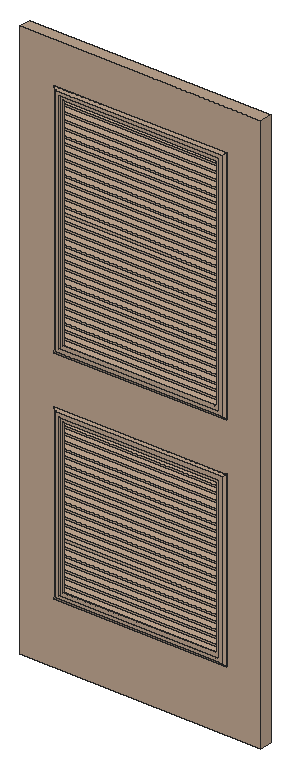
Revit family "DoorPanel_Aluminum_Cline_Louver-TopAndBottom", category Doors, Revit 2026
Family settings
  Classification Number = 23.30.10.11.14
  Work Plane-Based = No
  Always vertical = No
  Cut with Voids When Loaded = No
  Shared = Yes
  Room Calculation Point = No
Parameters
  offset [instance] = 0' - 0"
  Width [instance] = 3' - 0"
  Warranty Duration (Years) = 0
  URL = "http://www.clinedoors.com/"
  Thickness [instance] = 0' - 1 3/4"
  Test Data = "http://www.clinedoors.com/testdata-hurricane.aspx"
  Specification = "http://www.arcat.com/sd/clients/clineal.html?coid=31485"
  SpecWizard = ""
  Send Message = "http://www.arcat.com/users.pl?action=UserEmail&company=Cline Aluminum Doors, Inc.&coid=31485&rep=145&fax=941-746-5153&mf="
  Sales Information = "http://www.clinedoors.com/contact-us.aspx"
  Revision = "R1_04-2012"
  Product Properties = ""
  Product Data = "http://www.arcat.com/arcatcos/cos31/arc31485.html"
  Model = "100BE"
  Material [instance] = Metal - Aluminum - Cline - Anodized - Medium Bronze
  Manufacturer Website = "http://www.clinedoors.com/"
  Manufacturer Phone - Toll Free = "800-648-6736 "
  Manufacturer Phone = "941-746-4104 "
  Manufacturer Fax = "941-746-5153"
  Manufacturer Address = "112 32nd Ave. W. Bradenton, FL 34205-8096"
  Manufacturer = "Cline Aluminum Doors, Inc."
  Maintenance Schedule (Months) = 0
  Louver Width = 2' - 0"
  Louver Height Bottom = 2' - 0"
  Keynote = ""
  Installation-Fabrication = "http://www.clinedoors.com/downloads.aspx"
  Installation Phase = ""
  Height [instance] = 7' - 0"
  Green Building-LEED = ""
  Louver Height Top = 2' - 10"
  Function = Interior
  Expected Lifespan (Years) = 0
  Drawn By = "Sumex Design, Inc. / Robert S. Weygant, CSI, CDT, SCIP"
  Door Glazing [instance] = none
  Description = "Cline Aluminum Doors Door Panel - Model - 100BE\r\n"
  Copyright = "©Arcat Inc."
  Construction Details = ""
  Base Height = 3' - 7"
  Assembly Code = ""
Reference planes (in)
  plane 1 "Center (Front/Back)": y = 0
  plane 2 "Bottom": z = 0
  plane 3 "Center (Left/Right)": x = 0
  plane 4 "Front": y = -0.875
  plane 5 "Back": y = 0.875
  plane 6 "Left": x = -18
  plane 7 "Right": x = 18
  plane 8 "Top": z = 84
  plane 9: z = 42
  plane 10: x = -12
  plane 11: x = 12
  plane 12: z = 77
  plane 13: z = 43
  plane 14: z = 34
  plane 15: z = 10
Forms (in)
  Extrusion 1, solid, material "Metal - Aluminum - Cline - Anodized - Medium Bronze" <- "Material"
    sketch origin (-11.94222, -0.875, 48) x (-1, 0, 0) y (0, 0, 1)
      loop
        line (6.05778, 36) -> (-29.94222, 36) -> (-29.94222, -48) -> (6.05778, -48) -> (6.05778, 36)
      loop
        line (0.05778, 29) -> (-23.94222, 29) -> (-23.94222, -5) -> (0.05778, -5) -> (0.05778, 29)
      loop
        line (0.05778, -14) -> (-23.94222, -14) -> (-23.94222, -38) -> (0.05778, -38) -> (0.05778, -14)
    from 0 to 1.75
Lines and regions (in)
  symbolic lines, style "Plan Swing"
    curve 1: arc (-18, 0.875, 0) -> (-7.45584, 26.33084, 0) -> (18, 36.875, 0) r 36
    curve 2: line (18, 36.875, 0) -> (18, 0.875, 0)
    curve 3: line (18, 36.875, 0) -> (16.25, 36.875, 0)
    curve 4: line (16.25, 36.875, 0) -> (16.25, 0.875, 0)
    curve 5: line (16.25, 0.875, 0) -> (18, 0.875, 0)
  symbolic lines, style "Elevation Swing"
    curve 6: line (-18, 0, 84) -> (18, 0, 42)
    curve 7: line (18, 0, 42) -> (-18, 0, 0)
Dimensions and locks (in)
  equal spacing: plane 6 "Left", plane 3 "Center (Left/Right)", plane 7 "Right"
  "Width": plane 6 "Left" to plane 7 "Right"
  equal spacing: plane 5 "Back", plane 1 "Center (Front/Back)", plane 4 "Front"
  "Thickness": plane 5 "Back" to plane 4 "Front"
  "Height": plane 8 "Top" to level
  "Thickness": curve 4 to plane 7 "Right"
  equal spacing: plane 8 "Top", plane 9, level
  equal spacing: plane 11, plane 3 "Center (Left/Right)", plane 10, locked at 12 each
  "Base Height": plane 13 to level
  "Louver Height Top": plane 12 to plane 13
  locked: plane 11 to plane 10 at 24
  locked: plane 15 to level at 10
  "Louver Height Bottom": plane 14 to plane 15
  Extrusion 1 sketch curve to plane 3 "Center (Left/Right)" to Extrusion 1 sketch curve = 1' - 0" locked, 1' - 0" locked
  aligned and locked: plane 5 "Back" to Extrusion 1
  aligned and locked: plane 10 to nested 1
  aligned and locked: plane 11 to nested 1
  aligned and locked: plane 13 to nested 1
  aligned and locked: plane 1 "Center (Front/Back)" to nested 1
  aligned and locked: plane 1 "Center (Front/Back)" to nested 2
  aligned and locked: plane 3 "Center (Left/Right)" to nested 2
  aligned and locked: plane 15 to nested 2
Automatic sketch dimensions
  curve 1 to plane 5 "Back" = 0' - 0"
  curve 1 to plane 6 "Left" = 0' - 0"
  curve 2 to plane 7 "Right" = 0' - 0"
  curve 2 to plane 5 "Back" = 0' - 0"
  curve 7 to level = 0' - 0"
  curve 7 to plane 6 "Left" = 0' - 0"
  curve 6 to plane 6 "Left" = 0' - 0"
  curve 6 to plane 7 "Right" = 0' - 0"
  curve 6 to plane 9 = 0' - 0"
  curve 6 to plane 8 "Top" = 0' - 0"
  Extrusion 1 sketch curve to plane 7 "Right" = 0' - 0"
  Extrusion 1 sketch curve to plane 11 = 0' - 0"
  Extrusion 1 sketch curve to plane 10 = 0' - 0"
  Extrusion 1 sketch curve to level = 0' - 0"
  Extrusion 1 sketch curve to plane 6 "Left" = 0' - 0"
  Extrusion 1 sketch curve to plane 15 = 0' - 0"
  Extrusion 1 sketch curve to plane 14 = 0' - 0"
  Extrusion 1 sketch curve to plane 13 = 0' - 0"
  Extrusion 1 sketch curve to plane 12 = 0' - 0"
  Extrusion 1 sketch curve to plane 8 "Top" = 0' - 0"
Nested families (in)
  nested 1: "LouverPanel" at (0, 0, 43), Material <- "Material", Thickness <- "Thickness", Height <- "Louver Height Top", type "LouverPanel"
    with offset 0' - 0", lw 1' - 11 5/8", Width 2' - 0", Thickness 0' - 1 3/4", Material Metal - Aluminum - Cline - Anodized - Medium Bronze, Louvers 32, Height 2' - 10"
  nested 2: "LouverPanel" at (0, 0, 10), Material <- "Material", Width <- "Louver Width", Height <- "Louver Height Bottom", Thickness <- "Thickness", type "LouverPanel"
    with offset 0' - 0", lw 1' - 11 5/8", Width 2' - 0", Thickness 0' - 1 3/4", Material Metal - Aluminum - Cline - Anodized - Medium Bronze, Louvers 23, Height 2' - 0"
Definition of nested family "LouverPanel"
  Parameters
    offset [instance] = 0' - 0"
    lw [instance] = Width - 0' 0 3/8"  # 1' - 11 5/8"
    Width [instance] = 2' - 0"
    Warranty Duration (Years) = 0
    URL = "http://www.clinedoors.com/"
    Thickness [instance] = 0' - 1 3/4"
    Test Data = "http://www.clinedoors.com/testdata-hurricane.aspx"
    Specification = "http://www.arcat.com/sd/clients/clineal.html?coid=31485"
    SpecWizard = ""
    Send Message = "http://www.arcat.com/users.pl?action=UserEmail&company=Cline Aluminum Doors, Inc.&coid=31485&rep=145&fax=941-746-5153&mf="
    Sales Information = "http://www.clinedoors.com/contact-us.aspx"
    Revision = "R1_04-2012"
    Product Properties = ""
    Product Data = "http://www.arcat.com/arcatcos/cos31/arc31485.html"
    Model = "As Specified"
    Material [instance] = none
    Manufacturer Website = "http://www.clinedoors.com/"
    Manufacturer Phone - Toll Free = "800-648-6736 "
    Manufacturer Phone = "941-746-4104 "
    Manufacturer Fax = "941-746-5153"
    Manufacturer Address = "112 32nd Ave. W. Bradenton, FL 34205-8096"
    Manufacturer = "Cline Aluminum Doors, Inc."
    Maintenance Schedule (Months) = 0
    Louvers [instance] = Height / 0' 1 1/16"  # 34
    Keynote = ""
    Installation-Fabrication = "http://www.clinedoors.com/downloads.aspx"
    Installation Phase = ""
    Height [instance] = 3' - 0"
    Green Building-LEED = ""
    Expected Lifespan (Years) = 0
    Drawn By = "Sumex Design, Inc. / Robert S. Weygant, CSI, CDT, SCIP"
    Description = ""
    Copyright = "©Arcat Inc."
    Construction Details = ""
    Assembly Code = ""
  Reference planes (in)
    plane 1 "Center (Front/Back)": y = 0
    plane 2 "Bottom": z = 0
    plane 3 "Center (Left/Right)": x = 0
    plane 4 "Front": y = -0.875
    plane 5 "Back": y = 0.875
    plane 6 "Left": x = -12
    plane 7 "Right": x = 12
    plane 8 "Top": z = 36
  Forms (in)
    Sweep 1, solid, material <- "Material"
      path origin (0, 0, 0) x (1, 0, 0) y (0, 0, 1)
        loop
          line (-12, 36) -> (-12, 0) -> (12, 0) -> (12, 36) -> (-12, 36)
      profile origin (0, 0, 36) x (0, 0, 1) y (0, -1, 0)
        loop
          line (0, -0.875) -> (0, 0.875) -> (0.875, 0.875) -> (0.875, 0.93811) -> (0.45995, 1.1875) -> (0, 1.1875) -> (0, 1.03125) -> (-0.5625, 1.03125) -> (-0.5625, 0.875) -> (-0.1875, 0.875) -> (-0.1875, -0.875) -> (-0.5, -0.875) -> (-0.5, -1) -> (0.40625, -1) -> (0.40625, -0.875) -> (0, -0.875)
  Dimensions and locks (in)
    equal spacing: plane 6 "Left", plane 3 "Center (Left/Right)", plane 7 "Right"
    "Width": plane 6 "Left" to plane 7 "Right"
    equal spacing: plane 5 "Back", plane 1 "Center (Front/Back)", plane 4 "Front"
    "Thickness": plane 5 "Back" to plane 4 "Front"
    "Height": plane 8 "Top" to level
    locked: Sweep 1 sketch curve to plane 5 "Back" at 0.125
    locked: plane 4 "Front" to Sweep 1 sketch curve at 0.3125
    locked: plane 4 "Front" to Sweep 1 sketch curve at 0.15625
    equal spacing: group 1, group 3, group 4, group 5, group 6, group 7, group 8, group 9, group 10, group 11, group 12, group 13, group 14, group 15, group 16, group 17, group 18, group 19, group 20, group 21, group 22, group 23, group 24, group 25, group 26, group 27, group 28, group 29, group 30, group 31, group 32, group 33, group 34, group 2  (x2)
    equal spacing: group 2, group 34, group 33, group 32, group 31, group 30, group 29, group 28, group 27, group 26, group 25, group 24, group 23, group 22, group 21, group 20, group 19, group 18, group 17, group 16, group 15, group 14, group 13, group 12, group 11, group 10, group 9, group 8, group 7, group 6, group 5, group 4, group 3, group 1
    locked: plane 8 "Top" to nested 2 at 0.1875
    locked: nested 1 to level at 0.25
    aligned and locked: Sweep 1 sketch curve to plane 5 "Back"  (x2)
    aligned and locked: Sweep 1 sketch curve to plane 4 "Front"  (x2)
    aligned and locked: plane 1 "Center (Front/Back)" to nested 1
    aligned and locked: plane 1 "Center (Front/Back)" to nested 2
    aligned and locked: plane 3 "Center (Left/Right)" to nested 1
    aligned and locked: plane 3 "Center (Left/Right)" to nested 2
  Automatic sketch dimensions
    Sweep 1 sketch curve to level = 0' - 0"
    Sweep 1 sketch curve to plane 6 "Left" = 0' - 0"
    Sweep 1 sketch curve to plane 7 "Right" = 0' - 0"
    Sweep 1 sketch curve to plane 8 "Top" = 0' - 0"
    Sweep 1 sketch curve to profile plane = 0' - 0"  (x2)
    Sweep 1 sketch curve to Sweep 1 sketch curve = 0' - 0 3/16"
    Sweep 1 sketch curve to Sweep 1 sketch curve = 0' - 0 5/16"
    Sweep 1 sketch curve to Sweep 1 sketch curve = 0' - 0 3/8"
    Sweep 1 sketch curve to profile plane = 0' - 0 13/32"
    Sweep 1 sketch curve to profile plane = 0' - 0.45995"
    Sweep 1 sketch curve to Sweep 1 sketch curve = 0' - 0.41505"
    Sweep 1 sketch curve to Sweep 1 sketch curve = 0' - 0.06311"
  Nested families (in)
    nested 1: "Louver" at (0, 0, 0.25), Material <- "Material", Width <- "lw", type "Louver"
      with offset 0' - 0", Width 1' - 11 5/8", Thickness 0' - 1 3/4", Material none
    nested 2: "Louver" at (0, 0, 34.5625), Material <- "Material", Width <- "lw", type "Louver"
      with offset 0' - 0", Width 1' - 11 5/8", Thickness 0' - 1 3/4", Material none
    nested 3: "Louver" at (0, 0, 1.28977), Material <- "Material", Width <- "lw", type "Louver"
      with offset 0' - 0", Width 1' - 11 5/8", Thickness 0' - 1 3/4", Material none
    nested 4: "Louver" at (0, 0, 2.32955), Material <- "Material", Width <- "lw", type "Louver"
      with offset 0' - 0", Width 1' - 11 5/8", Thickness 0' - 1 3/4", Material none
    nested 5: "Louver" at (0, 0, 3.36932), Material <- "Material", Width <- "lw", type "Louver"
      with offset 0' - 0", Width 1' - 11 5/8", Thickness 0' - 1 3/4", Material none
    nested 6: "Louver" at (0, 0, 4.40909), Material <- "Material", Width <- "lw", type "Louver"
      with offset 0' - 0", Width 1' - 11 5/8", Thickness 0' - 1 3/4", Material none
    nested 7: "Louver" at (0, 0, 5.44886), Material <- "Material", Width <- "lw", type "Louver"
      with offset 0' - 0", Width 1' - 11 5/8", Thickness 0' - 1 3/4", Material none
    nested 8: "Louver" at (0, 0, 6.48864), Material <- "Material", Width <- "lw", type "Louver"
      with offset 0' - 0", Width 1' - 11 5/8", Thickness 0' - 1 3/4", Material none
    nested 9: "Louver" at (0, 0, 7.52841), Material <- "Material", Width <- "lw", type "Louver"
      with offset 0' - 0", Width 1' - 11 5/8", Thickness 0' - 1 3/4", Material none
    nested 10: "Louver" at (0, 0, 8.56818), Material <- "Material", Width <- "lw", type "Louver"
      with offset 0' - 0", Width 1' - 11 5/8", Thickness 0' - 1 3/4", Material none
    nested 11: "Louver" at (0, 0, 9.60795), Material <- "Material", Width <- "lw", type "Louver"
      with offset 0' - 0", Width 1' - 11 5/8", Thickness 0' - 1 3/4", Material none
    nested 12: "Louver" at (0, 0, 10.64773), Material <- "Material", Width <- "lw", type "Louver"
      with offset 0' - 0", Width 1' - 11 5/8", Thickness 0' - 1 3/4", Material none
    nested 13: "Louver" at (0, 0, 11.6875), Material <- "Material", Width <- "lw", type "Louver"
      with offset 0' - 0", Width 1' - 11 5/8", Thickness 0' - 1 3/4", Material none
    nested 14: "Louver" at (0, 0, 12.72727), Material <- "Material", Width <- "lw", type "Louver"
      with offset 0' - 0", Width 1' - 11 5/8", Thickness 0' - 1 3/4", Material none
    nested 15: "Louver" at (0, 0, 13.76705), Material <- "Material", Width <- "lw", type "Louver"
      with offset 0' - 0", Width 1' - 11 5/8", Thickness 0' - 1 3/4", Material none
    nested 16: "Louver" at (0, 0, 14.80682), Material <- "Material", Width <- "lw", type "Louver"
      with offset 0' - 0", Width 1' - 11 5/8", Thickness 0' - 1 3/4", Material none
    nested 17: "Louver" at (0, 0, 15.84659), Material <- "Material", Width <- "lw", type "Louver"
      with offset 0' - 0", Width 1' - 11 5/8", Thickness 0' - 1 3/4", Material none
    nested 18: "Louver" at (0, 0, 16.88636), Material <- "Material", Width <- "lw", type "Louver"
      with offset 0' - 0", Width 1' - 11 5/8", Thickness 0' - 1 3/4", Material none
    nested 19: "Louver" at (0, 0, 17.92614), Material <- "Material", Width <- "lw", type "Louver"
      with offset 0' - 0", Width 1' - 11 5/8", Thickness 0' - 1 3/4", Material none
    nested 20: "Louver" at (0, 0, 18.96591), Material <- "Material", Width <- "lw", type "Louver"
      with offset 0' - 0", Width 1' - 11 5/8", Thickness 0' - 1 3/4", Material none
    nested 21: "Louver" at (0, 0, 20.00568), Material <- "Material", Width <- "lw", type "Louver"
      with offset 0' - 0", Width 1' - 11 5/8", Thickness 0' - 1 3/4", Material none
    nested 22: "Louver" at (0, 0, 21.04545), Material <- "Material", Width <- "lw", type "Louver"
      with offset 0' - 0", Width 1' - 11 5/8", Thickness 0' - 1 3/4", Material none
    nested 23: "Louver" at (0, 0, 22.08523), Material <- "Material", Width <- "lw", type "Louver"
      with offset 0' - 0", Width 1' - 11 5/8", Thickness 0' - 1 3/4", Material none
    nested 24: "Louver" at (0, 0, 23.125), Material <- "Material", Width <- "lw", type "Louver"
      with offset 0' - 0", Width 1' - 11 5/8", Thickness 0' - 1 3/4", Material none
    nested 25: "Louver" at (0, 0, 24.16477), Material <- "Material", Width <- "lw", type "Louver"
      with offset 0' - 0", Width 1' - 11 5/8", Thickness 0' - 1 3/4", Material none
    nested 26: "Louver" at (0, 0, 25.20455), Material <- "Material", Width <- "lw", type "Louver"
      with offset 0' - 0", Width 1' - 11 5/8", Thickness 0' - 1 3/4", Material none
    nested 27: "Louver" at (0, 0, 26.24432), Material <- "Material", Width <- "lw", type "Louver"
      with offset 0' - 0", Width 1' - 11 5/8", Thickness 0' - 1 3/4", Material none
    nested 28: "Louver" at (0, 0, 27.28409), Material <- "Material", Width <- "lw", type "Louver"
      with offset 0' - 0", Width 1' - 11 5/8", Thickness 0' - 1 3/4", Material none
    nested 29: "Louver" at (0, 0, 28.32386), Material <- "Material", Width <- "lw", type "Louver"
      with offset 0' - 0", Width 1' - 11 5/8", Thickness 0' - 1 3/4", Material none
    nested 30: "Louver" at (0, 0, 29.36364), Material <- "Material", Width <- "lw", type "Louver"
      with offset 0' - 0", Width 1' - 11 5/8", Thickness 0' - 1 3/4", Material none
    nested 31: "Louver" at (0, 0, 30.40341), Material <- "Material", Width <- "lw", type "Louver"
      with offset 0' - 0", Width 1' - 11 5/8", Thickness 0' - 1 3/4", Material none
    nested 32: "Louver" at (0, 0, 31.44318), Material <- "Material", Width <- "lw", type "Louver"
      with offset 0' - 0", Width 1' - 11 5/8", Thickness 0' - 1 3/4", Material none
    nested 33: "Louver" at (0, 0, 32.48295), Material <- "Material", Width <- "lw", type "Louver"
      with offset 0' - 0", Width 1' - 11 5/8", Thickness 0' - 1 3/4", Material none
    nested 34: "Louver" at (0, 0, 33.52273), Material <- "Material", Width <- "lw", type "Louver"
      with offset 0' - 0", Width 1' - 11 5/8", Thickness 0' - 1 3/4", Material none
  Definition of nested family "Louver"
    Parameters
      offset [instance] = 0' - 0"
      Width [instance] = 2' - 0"
      Warranty Duration (Years) = 0
      URL = "http://www.clinedoors.com/"
      Thickness [instance] = 0' - 1 3/4"
      Test Data = "http://www.clinedoors.com/testdata-hurricane.aspx"
      Specification = "http://www.arcat.com/sd/clients/clineal.html?coid=31485"
      SpecWizard = ""
      Send Message = "http://www.arcat.com/users.pl?action=UserEmail&company=Cline Aluminum Doors, Inc.&coid=31485&rep=145&fax=941-746-5153&mf="
      Sales Information = "http://www.clinedoors.com/contact-us.aspx"
      Revision = "R1_04-2012"
      Product Properties = ""
      Product Data = "http://www.arcat.com/arcatcos/cos31/arc31485.html"
      Model = "As Specified"
      Material [instance] = none
      Manufacturer Website = "http://www.clinedoors.com/"
      Manufacturer Phone - Toll Free = "800-648-6736 "
      Manufacturer Phone = "941-746-4104 "
      Manufacturer Fax = "941-746-5153"
      Manufacturer Address = "112 32nd Ave. W. Bradenton, FL 34205-8096"
      Manufacturer = "Cline Aluminum Doors, Inc."
      Maintenance Schedule (Months) = 0
      Keynote = ""
      Installation-Fabrication = "http://www.clinedoors.com/downloads.aspx"
      Installation Phase = ""
      Height = 0' - 1 1/4"
      Green Building-LEED = ""
      Expected Lifespan (Years) = 0
      Drawn By = "Sumex Design, Inc. / Robert S. Weygant, CSI, CDT, SCIP"
      Description = ""
      Copyright = "©Arcat Inc."
      Construction Details = ""
      Assembly Code = ""
    Reference planes (in)
      plane 1 "Center (Front/Back)": y = 0
      plane 2 "Bottom": z = 0
      plane 3 "Center (Left/Right)": x = 0
      plane 4 "Left": x = -12
      plane 5 "Right": x = 12
      plane 6 "Top": z = 1.25
    Forms (in)
      Extrusion 1, solid, material <- "Material"
        sketch origin (-12, 16.34522, 48) x (0, 1, 0) y (0, 0, 1)
          loop
            line (-15.49165, -48) -> (-15.49165, -47.72872) -> (-16.31497, -46.9054) -> (-16.31497, -46.80439) -> (-16.17775, -46.80439) -> (-16.17775, -46.75) -> (-16.51269, -46.75) -> (-16.51269, -46.80439) -> (-16.37547, -46.80439) -> (-16.37547, -46.9054) -> (-17.19879, -47.72872) -> (-17.19879, -48) -> (-17.13629, -48) -> (-17.13629, -47.75461) -> (-16.34522, -46.96354) -> (-15.55415, -47.75461) -> (-15.55415, -48) -> (-15.49165, -48)
        from 0 to 24
    Dimensions and locks (in)
      equal spacing: plane 4 "Left", plane 3 "Center (Left/Right)", plane 5 "Right"
      "Width": plane 4 "Left" to plane 5 "Right"
      "Height": plane 6 "Top" to level
      aligned and locked: plane 5 "Right" to Extrusion 1
    Automatic sketch dimensions
      Extrusion 1 sketch curve to level = 0' - 0"  (x2)
      Extrusion 1 sketch curve to plane 6 "Top" = 0' - 0"
      Extrusion 1 sketch curve to plane 1 "Center (Front/Back)" = 0' - 0"
      plane 1 "Center (Front/Back)" to Extrusion 1 sketch curve = 0' - 0.03025"
      Extrusion 1 sketch curve to Extrusion 1 sketch curve = 0' - 0.13722"  (x2)
      plane 1 "Center (Front/Back)" to Extrusion 1 sketch curve = 0' - 0.79107"
      Extrusion 1 sketch curve to Extrusion 1 sketch curve = 0' - 0 1/16"  (x2)
      Extrusion 1 sketch curve to plane 1 "Center (Front/Back)" = 0' - 0.03025"
      Extrusion 1 sketch curve to plane 6 "Top" = 0' - 0.05439"  (x2)
      Extrusion 1 sketch curve to plane 1 "Center (Front/Back)" = 0' - 0.79107"
      level to Extrusion 1 sketch curve = 0' - 0.27128"
      Extrusion 1 sketch curve to Extrusion 1 sketch curve = 0' - 0.02589"  (x2)
      Extrusion 1 sketch curve to Extrusion 1 sketch curve = 0' - 0.24539"
      Extrusion 1 sketch curve to Extrusion 1 sketch curve = 0' - 0.05814"
      Extrusion 1 sketch curve to Extrusion 1 sketch curve = 0' - 0"
